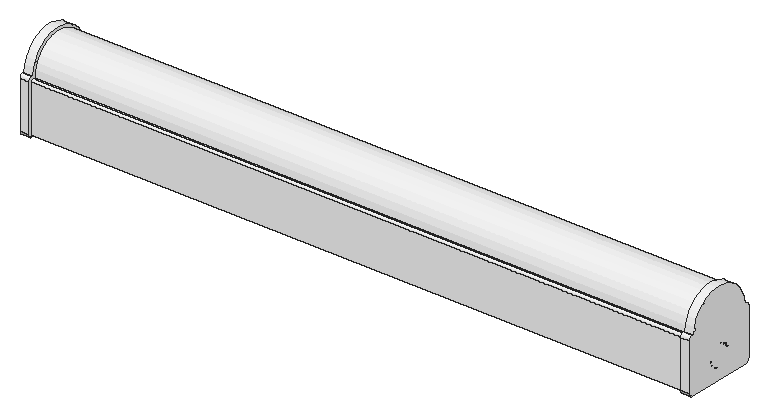
Revit family "0045189 Feilo Sylvania Lighting Fixture SYLBATTEN LED2 NW DALI TP5 ", category Lighting Fixtures, host Face, Revit 2017
Family settings
  Host = Face
  Round Connector Dimension = Use Diameter
  Part Type = Normal
  OmniClass Number = 23.80.70.00
  OmniClass Title = Lighting
  Cut with Voids When Loaded = No
  Light Source = Yes
  Shared = No
  Room Calculation Point = No
Parameters (values of type "0045189 SYLBATTEN LED2 NW DALI TP5")
  Width_FEILO = 66 mm
  Weight = "1.306 kg"
  Wattage Comments = "n/a"
  Wattage = 22 W
  WarrantyStartDate [instance] = "n/a"
  WarrantyGuarantorParts = "n/a"
  WarrantyDurationUnit = "n/a"
  WarrantyDurationParts = "n/a"
  WarrantyDescription = "n/a"
  built-in parameter 1150110 = 1 (stored number, unit not read)
  Voltage = 230 V
  URL = "http://www.sylvania-lighting.com"
  TypeName = "SYLBATTEN LED2 NW DALI TP5"
  Type Image = <None>
  Type Comments = "n/a"
  built-in parameter 1114217 = 1 (stored number, unit not read)
  Tilt Angle = -90.00°
  built-in parameter 1150109 = 1 (stored number, unit not read)
  built-in parameter 1150134 = 12
  SymReflector_FEILO = no
  built-in parameter 1150113 = 1 (stored number, unit not read)
  SerialNumber [instance] = "n/a"
  PowerFactor = 0
  PowerConsumption = "22 W"
  Photometric Web File = "0045189.ies"
  NominalLength = 605 mm
  NominalHeight = 76 mm
  NominalDepth = 66 mm
  Name = "SYLBATTEN LED2 NW DALI TP5"
  ModelReference = Name  # "SYLBATTEN LED2 NW DALI TP5"
  ModelNumber = "0045189"
  Model = Name  # "SYLBATTEN LED2 NW DALI TP5"
  Material_4_FEILO = Reflector-Sylvania-Sylbatten-White
  Material_3_FEILO = Diffuser-Sylvania-Sylbatten-Glow
  Material_2_FEILO = Body-Sylvania-Sylbatten-White
  Material_1_FEILO = Body-Sylvania-Sylbatten-White
  Material = "sheet steel housing, polycarbonate diffuser"
  ManufacturerName = "Feilo Sylvania"
  Manufacturer = "Feilo Sylvania"
  LuminousEfficacy = "105.8 lm/W"
  built-in parameter 1150105 = 185.24 (stored number, unit not read)
  Lumens = 2327.82 lm
  LuminaireType = ""
  built-in parameter 1150115 = 1 (stored number, unit not read)
  LightOutputRatio = "100"
  built-in parameter 1150137 = (empty or 0)
  built-in parameter 1150139 = (empty or 0)
  Length_FEILO = 605 mm
  LampsType = Lamp  # "LED"
  LampNominalLuminous = "2328 lm"
  LampMacAdamStep = "n/a"
  LampColourTemperature = "4000 K"
  LampColourRenderingIndex = "80"
  built-in parameter 1150112 = 1 (stored number, unit not read)
  built-in parameter 1150114 = 1 (stored number, unit not read)
  Lamp = "LED"
  Keynote = "16500"
  InstallationDate [instance] = "n/a"
  InputVoltage = "220-240V~"
  InputNominalFrequency = "n/a"
  built-in parameter 1150132 = (empty or 0)
  built-in parameter 1150102 = (empty or 0)
  built-in parameter 1150107 = 4000 (stored number, unit not read)
  built-in parameter 1150138 = (empty or 0)
  IngressProtection = "IP20"
  ImpactProtectionIndex = "IK07"
  built-in parameter 1150106 = 1.8524 (stored number, unit not read)
  IfcExportType = "IfcLightFixtureType"
  IfcExportAs = "IfcLightFixtureType"
  Height_FEILO = 76 mm
  ExpectedLife = 50000
  Emit from Rectangle Width = Length_FEILO - 16 mm  # 589 mm
  Emit from Rectangle Length = Width_FEILO - 40 mm  # 26 mm
  Emit Shape Visible in Rendering = no
  ElectricShockClassification = "Class I"
  built-in parameter 1150104 = 9.8301 (stored number, unit not read)
  DurationUnit = "hours"
  DocumentationLiterature = "http://www.sylvania-lighting.com/product/en-int/products/0045189"
  DimmingControlOptions = "Dimmable"
  Dimming Lamp Color Temperature Shift = <None>
  Description = "LED batten, T8 replacement, ease of installation through 2 part push-in design of the housing (safety cable included), through wiring capability (TP5 = 5 core), sheet steel, 2328LM, 22W, 106lm/W, 4000K, drive current: 350mA, CRI 80, 138° wide beam angle, DALI dimmable, IP20, IK07, 50,000 hrs (L70), (LxWxH) 605x66x76mm, 5 step MacAdam ellipse, 1.8kg, white RAL 9016, Class 1, 220-240V, energy class: A++, A+, A."
  Default Elevation = 1219.2 mm
  CreatedOn = "2/22/2018"
  CreatedBy = ""
  Cost = 0
  Color Filter = 16777215
  built-in parameter 1114216 [instance] = (empty or 0)
  ClassificationValue = "EF_70_80"
  ClassificationName = "Uniclass2015"
  CapOffset_FEILO = 2 mm
  BarCode [instance] = "n/a"
  built-in parameter 1114218 = 1 (stored number, unit not read)
  BackReflector_FEILO = and(not(AsymReflector_FEILO), SymReflector_FEILO)  # no
  built-in parameter 1150133 = 10 (stored number, unit not read)
  FrontReflector_FEILO = or(AsymReflector_FEILO, SymReflector_FEILO)  # no
  AsymReflector_FEILO = no
  AssetType = "Fixed"
  AssetIdentifier [instance] = "n/a"
  Assembly Code = "D5020200"
  Apparent Load = 22 VA
Reference planes
  plane 1 "Center (Front/Back)": y = 0
  plane 2: z = 0
  plane 3 "Center (Left/Right)": x = 0
  plane 4: x = 302.5
  plane 5: x = -302.5
  plane 6: y = 33
  plane 7: y = -33
  plane 8: z = 76
  plane 9: z = 47
  plane 10: y = -29
  plane 11: y = 29
  plane 12: z = 20
  plane 13: z = 74
  plane 14: y = -31
  plane 15: y = -27
  plane 16: y = 27
  plane 17: y = 31
  plane 18: z = 2
  plane 19: x = -294.5
  plane 20: x = 294.5
  plane 21: z = 49
  plane 22: y = 1
  plane 23: y = -1
  plane 24: z = 21
  plane 25: z = 19
  plane 26: y = -61
  plane 27: y = 61
  plane 28: y = -56
  plane 29: y = 56
  plane 30: z = 91
  plane 31: z = 88
Forms (mm)
  Extrusion 1, solid, material "Body-Sylvania-Sylbatten-White" <- "Material_2_FEILO"
    sketch origin (0, 0, 0) x (0, 1, 0) y (0, 0, 1)
      loop
        line (-31, 2) -> (31, 2) -> (31, 45)
        arc (31, 45) -> (30.414, 46.414) -> (29, 47) r 2
        line (29, 47) -> (27, 47)
        arc (27, 47) -> (0, 74) -> (-27, 47) r 27
        line (-27, 47) -> (-29, 47)
        arc (-29, 47) -> (-30.414, 46.414) -> (-31, 45) r 2
        line (-31, 45) -> (-31, 2)
    from -294.5 to 294.5
  Extrusion 2, solid, material "Body-Sylvania-Sylbatten-White" <- "Material_2_FEILO"
    sketch origin (302.5, 1524, 1219.2) x (0, 1, 0) y (0, 0, 1)
      loop
        arc (-1494, -1219.2) -> (-1491.879, -1218.321) -> (-1491, -1216.2) r 3
        line (-1491, -1216.2) -> (-1491, -1173.2)
        arc (-1491, -1173.2) -> (-1491.879, -1171.079) -> (-1494, -1170.2) r 3
        line (-1494, -1170.2) -> (-1495.069, -1170.2)
        arc (-1495.069, -1170.2) -> (-1524, -1143.2) -> (-1552.931, -1170.2) r 29
        line (-1552.931, -1170.2) -> (-1554, -1170.2)
        arc (-1554, -1170.2) -> (-1556.121, -1171.079) -> (-1557, -1173.2) r 3
        line (-1557, -1173.2) -> (-1557, -1216.2)
        arc (-1557, -1216.2) -> (-1556.121, -1218.321) -> (-1554, -1219.2) r 3
        line (-1554, -1219.2) -> (-1494, -1219.2)
      loop
        arc (-1525, -1189.25) -> (-1531.071, -1192.129) -> (-1533.95, -1198.2) r 10
        line (-1533.95, -1198.2) -> (-1532.944, -1198.2)
        arc (-1532.944, -1198.2) -> (-1530.364, -1192.836) -> (-1525, -1190.256) r 9
        line (-1525, -1190.256) -> (-1525, -1189.25)
      loop
        arc (-1523, -1190.256) -> (-1517.636, -1192.836) -> (-1515.056, -1198.2) r 9
        line (-1515.056, -1198.2) -> (-1514.05, -1198.2)
        arc (-1514.05, -1198.2) -> (-1516.929, -1192.129) -> (-1523, -1189.25) r 10
        line (-1523, -1189.25) -> (-1523, -1190.256)
      loop
        line (-1532.944, -1200.2) -> (-1533.95, -1200.2)
        arc (-1533.95, -1200.2) -> (-1531.071, -1206.271) -> (-1525, -1209.15) r 10
        line (-1525, -1209.15) -> (-1525, -1208.144)
        arc (-1525, -1208.144) -> (-1530.364, -1205.564) -> (-1532.944, -1200.2) r 9
      loop
        arc (-1515.056, -1200.2) -> (-1517.636, -1205.564) -> (-1523, -1208.144) r 9
        line (-1523, -1208.144) -> (-1523, -1209.15)
        arc (-1523, -1209.15) -> (-1516.929, -1206.271) -> (-1514.05, -1200.2) r 10
        line (-1514.05, -1200.2) -> (-1515.056, -1200.2)
    from 0 to -8
  Extrusion 3, solid, material "Body-Sylvania-Sylbatten-White" <- "Material_2_FEILO"
    sketch origin (-302.5, 1524, 1219.2) x (0, 1, 0) y (0, 0, 1)
      loop
        arc (-1495.069, -1170.2) -> (-1524, -1143.2) -> (-1552.931, -1170.2) r 29
        line (-1552.931, -1170.2) -> (-1554, -1170.2)
        arc (-1554, -1170.2) -> (-1556.121, -1171.079) -> (-1557, -1173.2) r 3
        line (-1557, -1173.2) -> (-1557, -1216.2)
        arc (-1557, -1216.2) -> (-1556.121, -1218.321) -> (-1554, -1219.2) r 3
        line (-1554, -1219.2) -> (-1494, -1219.2)
        arc (-1494, -1219.2) -> (-1491.879, -1218.321) -> (-1491, -1216.2) r 3
        line (-1491, -1216.2) -> (-1491, -1173.2)
        arc (-1491, -1173.2) -> (-1491.879, -1171.079) -> (-1494, -1170.2) r 3
        line (-1494, -1170.2) -> (-1495.069, -1170.2)
      loop
        line (-1533.95, -1198.2) -> (-1532.944, -1198.2)
        arc (-1532.944, -1198.2) -> (-1530.364, -1192.836) -> (-1525, -1190.256) r 9
        line (-1525, -1190.256) -> (-1525, -1189.25)
        arc (-1525, -1189.25) -> (-1531.071, -1192.129) -> (-1533.95, -1198.2) r 10
      loop
        line (-1523, -1189.25) -> (-1523, -1190.256)
        arc (-1523, -1190.256) -> (-1517.636, -1192.836) -> (-1515.056, -1198.2) r 9
        line (-1515.056, -1198.2) -> (-1514.05, -1198.2)
        arc (-1514.05, -1198.2) -> (-1516.929, -1192.129) -> (-1523, -1189.25) r 10
      loop
        line (-1514.05, -1200.2) -> (-1515.056, -1200.2)
        arc (-1515.056, -1200.2) -> (-1517.636, -1205.564) -> (-1523, -1208.144) r 9
        line (-1523, -1208.144) -> (-1523, -1209.15)
        arc (-1523, -1209.15) -> (-1516.929, -1206.271) -> (-1514.05, -1200.2) r 10
      loop
        line (-1525, -1209.15) -> (-1525, -1208.144)
        arc (-1525, -1208.144) -> (-1530.364, -1205.564) -> (-1532.944, -1200.2) r 9
        line (-1532.944, -1200.2) -> (-1533.95, -1200.2)
        arc (-1533.95, -1200.2) -> (-1531.071, -1206.271) -> (-1525, -1209.15) r 10
    from 0 to 8
  Extrusion 4, solid, material "Reflector-Sylvania-Sylbatten-White" <- "Material_4_FEILO", visible <- "FrontReflector_FEILO"
    sketch origin (0, 0, 0) x (0, 1, 0) y (0, 0, 1)
      loop
        line (-61.257, 88.429) -> (-60.743, 87.571) -> (-56.621, 90.044)
        arc (-56.621, 90.044) -> (-56.237, 90.099) -> (-55.929, 89.863) r 0.5
        line (-55.929, 89.863) -> (-31.435, 46.753) -> (-30.565, 47.247) -> (-55.312, 90.802)
        arc (-55.312, 90.802) -> (-55.928, 91.275) -> (-56.696, 91.165) r 1
        line (-56.696, 91.165) -> (-61.257, 88.429)
    from -294.5 to 294.5
  Extrusion 5, solid, material "Reflector-Sylvania-Sylbatten-White" <- "Material_4_FEILO", visible <- "BackReflector_FEILO"
    sketch origin (0, 0, 0) x (0, 1, 0) y (0, 0, 1)
      loop
        line (30.565, 47.247) -> (31.435, 46.753) -> (55.932, 89.868)
        arc (55.932, 89.868) -> (56.245, 90.112) -> (56.638, 90.062) r 0.518
        line (56.638, 90.062) -> (61.033, 87.565) -> (61.527, 88.435) -> (56.682, 91.188)
        arc (56.682, 91.188) -> (55.922, 91.282) -> (55.318, 90.812) r 1
        line (55.318, 90.812) -> (30.565, 47.247)
    from -294.5 to 294.5
Lines and regions (mm)
  reference lines
    curve 1: line (0, -61, 88) -> (0, -56, 91)
    curve 2: line (0, -56, 91) -> (0, -31, 47)
    curve 3: line (0, 31, 47) -> (0, 56, 91)
    curve 4: line (0, 56, 91) -> (0, 61.28, 88)
Dimensions and locks
  equal spacing: plane 5, plane 3 "Center (Left/Right)", plane 4
  equal spacing: plane 7, plane 1 "Center (Front/Back)", plane 6
  "Width_FEILO": plane 7 to plane 6
  "Length_FEILO": plane 5 to plane 4
  "Height_FEILO": plane 8 to plane 2
  locked: plane 9 to plane 8 at 29
  equal spacing: plane 10, plane 1 "Center (Front/Back)", plane 11
  locked: plane 7 to plane 10 at 4
  locked: plane 12 to plane 2 at 20
  "CapOffset_FEILO": plane 13 to plane 8
  "CapOffset_FEILO": plane 7 to plane 14
  "CapOffset_FEILO": plane 10 to plane 15
  "CapOffset_FEILO": plane 17 to plane 6
  "CapOffset_FEILO": plane 16 to plane 11
  "CapOffset_FEILO": plane 18 to plane 2
  locked: plane 14 to Extrusion 1 sketch curve at 2
  locked: Extrusion 1 sketch curve to plane 9 at 2  (x2)
  locked: plane 16 to Extrusion 1 sketch curve at 2
  equal spacing: plane 19, plane 3 "Center (Left/Right)", plane 20
  locked: plane 5 to plane 19 at 8
  "CapOffset_FEILO": plane 9 to plane 21
  locked: Extrusion 2 sketch curve to plane 2 at 47
  locked: Extrusion 1 sketch curve to plane 2 at 47
  locked: Extrusion 2 sketch curve to plane 2 at 3  (x2)
  locked: plane 7 to Extrusion 2 sketch curve at 3  (x2)
  locked: Extrusion 2 sketch curve to plane 6 at 3  (x2)
  locked: Extrusion 2 sketch curve to plane 21 at 3  (x2)
  equal spacing: plane 23, plane 1 "Center (Front/Back)", plane 22
  equal spacing: plane 25, plane 12, plane 24
  plane 30 to plane 31 to plane 2 = 3 mm locked, 88 mm locked
  plane 28 to plane 29 = 112 mm
  plane 26 to plane 27 = 122 mm
  aligned and locked: plane 2 to host face
  aligned and locked: level to host face
  aligned and locked: plane 18 to Extrusion 1 sketch curve
  aligned and locked: plane 14 to Extrusion 1 sketch curve
  aligned and locked: Extrusion 1 sketch curve to plane 9  (x2)
  aligned and locked: Extrusion 1 sketch curve to plane 17
  aligned and locked: plane 15 to Extrusion 1 sketch curve
  aligned and locked: plane 16 to Extrusion 1 sketch curve
  aligned and locked: plane 9 to Extrusion 1 sketch curve
  aligned and locked: plane 20 to Extrusion 1
  aligned and locked: level to Extrusion 2 sketch curve
  aligned and locked: Extrusion 2 sketch curve to plane 7
  aligned and locked: plane 21 to Extrusion 2 sketch curve
  aligned and locked: Extrusion 2 sketch curve to plane 21
  aligned and locked: plane 1 "Center (Front/Back)" to Extrusion 2 sketch curve  (x3)
  aligned and locked: Extrusion 2 to Extrusion 1
  aligned and locked: plane 4 to Extrusion 2
  aligned and locked: plane 12 to Extrusion 2 sketch curve  (x2)
  aligned and locked: Extrusion 2 sketch curve to plane 22
  aligned and locked: Extrusion 2 sketch curve to plane 23
  aligned and locked: Extrusion 2 sketch curve to plane 24
  aligned and locked: Extrusion 2 sketch curve to plane 25
  aligned and locked: plane 25 to Extrusion 2 sketch curve
  aligned and locked: plane 22 to Extrusion 2 sketch curve
  aligned and locked: plane 24 to Extrusion 2 sketch curve
  aligned and locked: plane 23 to Extrusion 2 sketch curve  (x2)
  aligned and locked: Extrusion 3 sketch curve to Extrusion 2  (x22)
  aligned and locked: Extrusion 3 to Extrusion 1
  aligned and locked: Extrusion 3 to plane 5
  aligned and locked: plane 19 to Extrusion 3
  aligned and locked: plane 31 to curve 1
  aligned and locked: plane 30 to curve 1
  aligned and locked: plane 14 to curve 2
  aligned and locked: plane 9 to curve 2
  aligned and locked: plane 17 to curve 3
  aligned and locked: plane 30 to curve 3
  aligned and locked: plane 31 to curve 4
  aligned and locked: Extrusion 4 sketch curve to curve 2
  aligned and locked: Extrusion 4 sketch curve to curve 1
  aligned and locked: Extrusion 4 to Extrusion 1
  aligned and locked: Extrusion 1 to Extrusion 4
  aligned and locked: imposter light to plane 1 "Center (Front/Back)"
  aligned and locked: imposter light to plane 3 "Center (Left/Right)"
  aligned and locked: imposter light to plane 13
  aligned and locked: Extrusion 5 sketch curve to curve 4
  aligned and locked: Extrusion 5 sketch curve to curve 3
  aligned and locked: Extrusion 1 to Extrusion 5
  aligned and locked: Extrusion 5 to Extrusion 1
Automatic sketch dimensions
  host sketch curve to host sketch curve = 2438.4 mm  (x2)
  Extrusion 2 sketch curve to Extrusion 2 sketch curve = 0 mm  (x14)
  Extrusion 2 sketch curve to plane 10 = 0.069 mm
  plane 23 to Extrusion 2 sketch curve = 8.95 mm
  Extrusion 2 sketch curve to Extrusion 2 sketch curve = 1.006 mm  (x4)
  Extrusion 2 sketch curve to plane 22 = 7.944 mm
  curve 1 to plane 26 = 0 mm
  curve 2 to plane 28 = 0 mm
  curve 4 to plane 29 = 0 mm
  plane 9 to curve 3 = 0 mm
  plane 26 to Extrusion 4 sketch curve = 0.257 mm
  Extrusion 4 sketch curve to plane 26 = 0.257 mm
  Extrusion 4 sketch curve to plane 30 = 0.165 mm
  plane 28 to Extrusion 4 sketch curve = 0.696 mm
  plane 28 to Extrusion 4 sketch curve = 0.621 mm
  plane 28 to Extrusion 4 sketch curve = 0.364 mm
  plane 28 to Extrusion 4 sketch curve = 0.182 mm
  Extrusion 4 sketch curve to plane 28 = 0.071 mm
  plane 30 to Extrusion 4 sketch curve = 0.198 mm
  Extrusion 4 sketch curve to plane 28 = 0.688 mm
  plane 9 to Extrusion 4 sketch curve = 0.247 mm
  plane 1 "Center (Front/Back)" to Extrusion 4 sketch curve = 31.435 mm
  Extrusion 5 sketch curve to plane 9 = 0.247 mm
  Extrusion 5 sketch curve to plane 1 "Center (Front/Back)" = 30.565 mm
  plane 9 to Extrusion 5 sketch curve = 0.247 mm
  plane 30 to Extrusion 5 sketch curve = 0.188 mm
  plane 29 to Extrusion 5 sketch curve = 0.068 mm
  Extrusion 5 sketch curve to plane 29 = 0.188 mm
  Extrusion 5 sketch curve to plane 29 = 0.382 mm
  Extrusion 5 sketch curve to Extrusion 5 sketch curve = 0.256 mm
  Extrusion 5 sketch curve to plane 30 = 0.188 mm
  Extrusion 5 sketch curve to plane 29 = 0.682 mm
  Extrusion 5 sketch curve to plane 27 = 0.033 mm
  Extrusion 5 sketch curve to plane 27 = 0.527 mm
Connectors
  electrical at (0, 0, 0), driven by "Apparent Load", driven by "PowerFactor", driven by "Voltage"
    settings: index 1, voltage 230 V, apparent load 22 VA, apparent load phase1 0 VA, apparent load phase2 0 VA, apparent load phase3 0 VA, power factor 0, load classification "Lighting", number of poles 1, system type 30, power factor state 1, is connector primary yes, connector utility no, sub classification motor no, connector description ""
